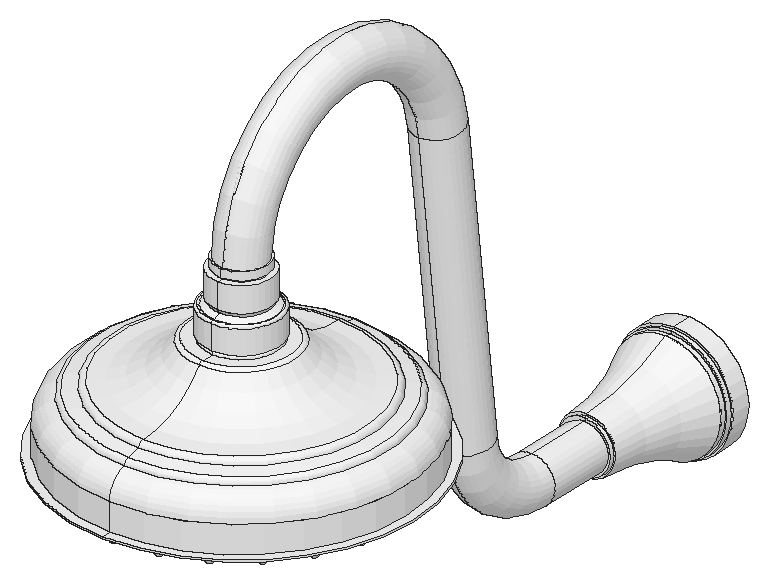
Revit family "Reece_Shower_Kado_Era_Shower Arm and Rose_Gooseneck_148mm", category Plumbing Fixtures, Revit 2018
Family settings
  Round Connector Dimension = Use Diameter
  Part Type = Normal
  Work Plane-Based = Yes
  Always vertical = Yes
  Cut with Voids When Loaded = Yes
  Shared = Yes
  Room Calculation Point = Yes
Parameters (values of type "Chrome")
  URL = "https://www.reece.com.au/product/-4200386"
  Type Comments = "Shower"
  Reece_Shower_Inlet = 12 mm  # constant formula
  Reece_Product_Web Page = "https://www.reece.com.au/product/-4200386"
  Reece_Product_Type = "Shower"  # constant formula
  Reece_Product_Sub Brand = "Era"  # constant formula
  Reece_Product_Number = "4200386"
  Reece_Product_Mount = "Wall Mounted"
  Reece_Product_Description = "Kado Era Gooseneck Shower Arm & Rose 148mm Chrome (3 Star)"
  Reece_Product_Brand = "Kado"  # constant formula
  Reece_Overall_Length = 314 mm  # constant formula
  Reece_Overall_Height = 240 mm  # constant formula
  Reece_Overall_Diameter = 50 mm  # constant formula
  Reece_Material_Main = Reece_Brass_Chrome
  Reece_Height_From_Level [instance] = 1600 mm
  Reece_Detail_Disclaimer = "THIS FILE IS THE PROPERTY OF THE REECE GROUP. IT MAY NOT BE REPRODUCED, REVERSE-ENGINEERED OR MODIFIED. ANY REPUBLICATION, TRANSMISSION OR DISTRIBUTION FOR THE PURPOSE OF COMMERCIALLY EXPLOITING THE FILES IS PROHIBITED."  # constant formula
  Reece_Detail_Additional = "Gooseneck"  # constant formula
  Model = "Era"
  Manufacturer = "Kado"
  Keynote = "Product #4200386, Reece_Shower_Kado_Era_Shower Arm and Rose_Gooseneck_148mm - Chrome"
  Disclaimer = "THIS FILE IS THE PROPERTY OF THE REECE GROUP. IT MAY NOT BE REPRODUCED, REVERSE-ENGINEERED OR MODIFIED. ANY REPUBLICATION, TRANSMISSION OR DISTRIBUTION FOR THE PURPOSE OF COMMERCIALLY EXPLOITING THE FILES IS PROHIBITED."  # constant formula
  Description = "Kado Era Gooseneck Shower Arm & Rose 148 Chrome (3 Star)"
  Default Elevation = 1000 mm
Types (3, lengths in mm): name | URL | Reece_Product_Web Page | Reece_Product_Number | Reece_Product_Description | Reece_Material_Main | Keynote | Description
  Chrome | "https://www.reece.com.au/product/-4200386" | "https://www.reece.com.au/product/-4200386" | "4200386" | "Kado Era Gooseneck Shower Arm & Rose 148mm Chrome (3 Star)" | Reece_Brass_Chrome | "Product #4200386, Reece_Shower_Kado_Era_Shower Arm and Rose_Gooseneck_148mm - Chrome" | "Kado Era Gooseneck Shower Arm & Rose 148 Chrome (3 Star)"
  Brushed Nickel | "https://www.reece.com.au/product/-9512104" | "https://www.reece.com.au/product/-9512104" | "9512104" | "Kado Era Gooseneck Shower Arm & Rose 148mm Brushed Nickel (3 Star)" | Reece_Brass_Brushed Nickel | "Product #9512104, Reece_Shower_Kado_Era_Shower Arm and Rose_Gooseneck_148mm - Brushed Nickel" | "Kado Era Gooseneck Shower Arm & Rose 148mm Brushed Nickel (3 Star)"
  Brass Gold | "https://www.reece.com.au/product/-4200401" | "https://www.reece.com.au/product/-4200401" | "4200401" | "Kado Era Gooseneck Shower Arm & Rose 148mm Brass Gold (3 Star)" | Reece_Brass_Gold | "Product #4200401, Reece_Shower_Kado_Era_Shower Arm and Rose_Gooseneck_148mm - Brass Gold" | "Kado Era Gooseneck Shower Arm & Rose 148mm Brass Gold (3 Star)"
Reference planes
  plane 1 "Center (Front/Back)": y = 0
  plane 2 "Height From Floor": z = 1600
  plane 3 "Center (Left/Right)": x = 0
  plane 4 "Bottom Of Invisible Line": z = -5
  plane 5: y = -314
  plane 6: x = -25
  plane 7: x = 25
  plane 8: z = 1574.5
  plane 9: z = 1814.5
Lines and regions (mm)
  model lines, style "InvisibleLines"
    curve 1: line (0, 0, -5) -> (0, 0, 1600)
Text (mm)
  text "Reece ©" at (2872.125, -2467.302, 2677.385), in view "Reece Preview"
  text "Reece ©" at (353.128, -531.372, -1020.679), in view "Ref. Level"
Dimensions and locks
  locked: level to plane 4 "Bottom Of Invisible Line" at 5
  "Reece_Height_From_Level": plane 2 "Height From Floor" to level
  "Reece_Overall_Length": plane 1 "Center (Front/Back)" to plane 5
  level to plane 2 "Height From Floor" = 1600 mm
  equal spacing: plane 6, plane 3 "Center (Left/Right)", plane 7
  "Reece_Overall_Diameter": plane 6 to plane 7
  "Reece_Overall_Height": plane 9 to plane 8
  locked: plane 9 to plane 2 "Height From Floor" at 214.5
  aligned and locked: plane 2 "Height From Floor" to curve 1
  aligned and locked: plane 4 "Bottom Of Invisible Line" to curve 1
  aligned and locked: plane 3 "Center (Left/Right)" to curve 1
  aligned and locked: nested 1 to plane 2 "Height From Floor"
Nested families
  nested 1: "Reece_Shower_Kado_Era_Shower Arm and Rose_Gooseneck_148mm_Nested" at (0, 0, 1600) x (1, 0, 0) z (0, -1, 0), Reece_Material_Main <- "Reece_Material_Main", type "Reece_Shower_Kado_Era_Shower Arm and Rose_Gooseneck_148mm_Nested"
    with Reece_Material_Main Reece_Brass_Chrome
Connectors
  piping at (0, 0, 1600), diameter 12, driven by "Reece_Shower_Inlet"
    settings: on nested 1, index 1, connector inside diameter 609.6 mm, connector length 0 mm, flow factor 0, pipe flow 0.0 L/s, pressure drop 0.0 Pa, fitting loss kfactor 0, connector angle 0.00°, fixture units 0, engagement length 0 mm, angle of deflection 0.00°, flow configuration 0, flow direction 1, fitting loss method 0, system type 29, joint type 0, gender type 0, connector reference index -1, connector utility 0, adjustable connector no, is connector primary yes, connector description ""
Definition of nested family "Reece_Shower_Kado_Era_Shower Arm and Rose_Gooseneck_148mm_Nested"
  Parameters (values of type "Reece_Shower_Kado_Era_Shower Arm and Rose_Gooseneck_148mm_Nested")
    Waste Connection = no
    WFU = 0
    Vent Connection = no
    URL = ""
    Type Comments = ""
    Reece_Material_Main [instance] = none
    Model = ""
    Manufacturer = ""
    Keynote = ""
    HWFU = 0
    HW Connection = no
    Description = ""
    Default Elevation = 1000 mm
    Cost = 0
    CWFU = 0
    CW Connection = no
    Assembly Code = ""
  Reference planes
    plane 1 "Center (Front/Back)": y = 0
    plane 2: z = 0
    plane 3 "Center (Left/Right)": x = 0
    plane 4: y = 25
    plane 5: x = -25
    plane 6: x = 25
    plane 7: z = 55
    plane 8: y = -25
    plane 9: z = 240
    plane 10: y = 215
    plane 11: z = 166
    plane 12: z = 314
  Forms (mm)
    Extrusion 1, solid
      sketch origin (619.2, -619.2, 0) x (1, 0, 0) y (0, 1, 0)
        loop
          line (-714.004, 715.618) -> (-714.004, 527.891) -> (-529.957, 527.891) -> (-529.957, 715.618) -> (-714.004, 715.618)
      from 0 to -30
    Sweep 2, solid, material <- "Reece_Material_Main"
      path origin (0, 0, 0) x (0, 1, 0) y (0, 0, 1)
        loop
          line (0, 56.49) -> (0, 84.671)
          arc (0, 84.671) -> (8.796, 107.874) -> (30.764, 119.413) r 35
          line (30.764, 119.413) -> (158.699, 135.013)
          arc (158.699, 135.013) -> (204.946, 189.883) -> (153.572, 239.985) r 52.687
      profile origin (0, 0, 56.49) x (0, -1, 0) y (1, 0, 0)
        loop
          circle (0, 0) r 10
    Revolve 3, solid, material <- "Reece_Material_Main"
      sketch origin (0, 0, 0) x (0, 1, 0) y (0, 0, 1)
        loop
          line (-25, 0) -> (0, 0) -> (0, 56.49) -> (-11.264, 56.49) -> (-11.264, 55) -> (-12.18, 55)
          arc (-12.18, 55) -> (-15.183, 33.21) -> (-23.389, 12.802) r 89.888
          line (-23.389, 12.802) -> (-23.389, 10.462) -> (-24.212, 10.462) -> (-24.212, 8.475) -> (-25, 8.475) -> (-25, 0)
        axis (0, 0) -> (0, 56.49)
      angle from 0 to 360
    Revolve 4, solid, material <- "Reece_Material_Main"
      sketch origin (0, 186.74, -0.061) x (0, 1, 0) y (0, 0, 1)
        loop
          line (-107.895, 240.061) -> (-107.895, 169.706) -> (-96.335, 169.706)
          arc (-96.335, 169.706) -> (-89.844, 171.949) -> (-86.122, 177.72) r 10.514
          arc (-86.122, 177.72) -> (-84.522, 178.264) -> (-83.64, 179.706) r 2.486
          line (-83.64, 179.706) -> (-82.505, 185.238)
          arc (-82.505, 185.238) -> (-80.908, 186.086) -> (-80.306, 187.791) r 2.488
          arc (-80.306, 187.791) -> (-76.484, 204.696) -> (-64.89, 217.578) r 34.327
          arc (-64.89, 217.578) -> (-64.161, 218.375) -> (-63.897, 219.422) r 2.209
          line (-63.897, 219.422) -> (-63.897, 224.658)
          arc (-63.897, 224.658) -> (-63.201, 224.946) -> (-62.913, 225.642) r 0.984
          line (-62.913, 225.642) -> (-62.126, 225.642) -> (-62.126, 224.175) -> (-51.991, 224.175)
          arc (-51.991, 224.175) -> (-51.328, 224.449) -> (-51.053, 225.113) r 0.938
          line (-51.053, 225.113) -> (-51.053, 225.954) -> (-49.637, 228.406) -> (-48.061, 227.497) -> (-37.182, 227.497) -> (-37.182, 230.055) -> (-36.318, 230.055) -> (-36.318, 229.189) -> (-32.899, 229.189) -> (-32.899, 240.061) -> (-107.895, 240.061)
        axis (-32.899, 240.061) -> (-107.895, 240.061)
      angle from 0 to 360
    Revolve 5, solid, material <- "Reece_Material_Main"
      sketch origin (0, -29.049, -0.061) x (0, -1, 0) y (0, 0, -1)
        loop
          line (-107.895, -240.061) -> (-103.427, -240.061)
          arc (-103.427, -240.061) -> (-104.335, -203.016) -> (-107.058, -166.061) r 755.791
          line (-107.058, -166.061) -> (-107.895, -166.061) -> (-107.895, -240.061)
        axis (-103.427, -240.061) -> (-107.895, -240.061)
      angle from 0 to 360
  Cuts and joins
    joined: Sweep 2, Revolve 3, Revolve 4, Revolve 5
  Text (mm)
    text "Reece Copyright © 2018, Reece Ltd." at (-378.57, -123.478, 0), in view "Ref. Level"
    text "Reece ©" at (408.528, -766.776, 506.903), in view "Reece_Preview"
  Dimensions and locks
    equal spacing: plane 5, plane 3 "Center (Left/Right)", plane 6
    plane 5 to plane 6 = 50 mm
    plane 7 to level = 55 mm
    plane 9 to plane 2 = 240 mm
    plane 10 to plane 8 = 240 mm
    equal spacing: plane 4, plane 1 "Center (Front/Back)", plane 8
    plane 4 to plane 8 = 50 mm
    plane 11 to plane 12 = 148 mm
    aligned and locked: plane 2 to Extrusion 1
    aligned and locked: level to Extrusion 1
  Automatic sketch dimensions
    Extrusion 1 sketch curve to Extrusion 1 sketch curve = 184.047 mm
    Extrusion 1 sketch curve to Extrusion 1 sketch curve = 187.727 mm
    Sweep 2 sketch curve to profile plane = 0 mm  (x2)
    Revolve 3 sketch curve to level = 0 mm
    Revolve 3 sketch curve to plane 8 = 0 mm
    Revolve 3 sketch curve to plane 7 = 0 mm
    Revolve 3 sketch curve to plane 1 "Center (Front/Back)" = 0 mm  (x2)
    plane 7 to Revolve 3 sketch curve = 1.286 mm
    Revolve 3 sketch curve to plane 8 = 77.059 mm
    Revolve 3 sketch curve to Revolve 3 sketch curve = 0.788 mm
    plane 8 to Revolve 3 sketch curve = 1.611 mm
    plane 1 "Center (Front/Back)" to Revolve 3 sketch curve = 12.18 mm
    Revolve 3 sketch curve to Revolve 3 sketch curve = 0.916 mm
    Revolve 3 sketch curve to Revolve 3 sketch curve = 4.327 mm
    Revolve 3 sketch curve to Revolve 3 sketch curve = 1.986 mm
    Revolve 3 sketch curve to Revolve 3 sketch curve = 1.49 mm
    Revolve 3 sketch curve to Revolve 3 sketch curve = 5 mm
    Revolve 3 sketch curve to Revolve 3 sketch curve = 8.51 mm
    plane 9 to Revolve 5 sketch curve = 0 mm
    Revolve 5 sketch curve to plane 11 = 0 mm
    Revolve 5 sketch curve to plane 9 = 0 mm
    Revolve 5 sketch curve to plane 10 = 615.169 mm
    plane 4 to Revolve 5 sketch curve = 53.845 mm
    Revolve 5 sketch curve to Revolve 5 sketch curve = 0.837 mm
    Revolve 5 sketch curve to Revolve 5 sketch curve = 0 mm  (x2)
    Sweep 2 sketch curve to plane 1 "Center (Front/Back)" = 0 mm
    plane 4 to Sweep 2 sketch curve = 5.764 mm
    plane 4 to Sweep 2 sketch curve = 10 mm
    plane 11 to Sweep 2 sketch curve = 21.313 mm
    plane 10 to Sweep 2 sketch curve = 62.678 mm
    Sweep 2 sketch curve to Sweep 2 sketch curve = 6.377 mm
    Sweep 2 sketch curve to plane 11 = 30.987 mm
    Sweep 2 sketch curve to plane 11 = 46.587 mm
    Sweep 2 sketch curve to plane 9 = 0.015 mm
    plane 7 to Sweep 2 sketch curve = 1.49 mm
    Revolve 4 sketch curve to plane 9 = 0 mm  (x2)
    plane 11 to Revolve 4 sketch curve = 3.645 mm
    plane 4 to Revolve 4 sketch curve = 53.845 mm
    Revolve 4 sketch curve to Revolve 4 sketch curve = 11.56 mm
    Revolve 4 sketch curve to Revolve 4 sketch curve = 10.26 mm
    plane 11 to Revolve 4 sketch curve = 13.645 mm
    Revolve 4 sketch curve to Revolve 4 sketch curve = 2.436 mm
    Revolve 4 sketch curve to Revolve 4 sketch curve = 0.847 mm
    Revolve 4 sketch curve to Revolve 4 sketch curve = 0.288 mm
    Revolve 4 sketch curve to Revolve 4 sketch curve = 16.687 mm
    Revolve 4 sketch curve to Revolve 4 sketch curve = 2.209 mm
    Revolve 4 sketch curve to Revolve 4 sketch curve = 0.984 mm
    Revolve 4 sketch curve to Revolve 4 sketch curve = 0.787 mm
    Revolve 4 sketch curve to Revolve 4 sketch curve = 10.135 mm
    Revolve 4 sketch curve to Revolve 4 sketch curve = 0.938 mm
    Revolve 4 sketch curve to plane 9 = 11.655 mm
    Revolve 4 sketch curve to Revolve 4 sketch curve = 1.416 mm
    Revolve 4 sketch curve to Revolve 4 sketch curve = 1.576 mm
    Revolve 4 sketch curve to Revolve 4 sketch curve = 17.899 mm
    Revolve 4 sketch curve to Revolve 4 sketch curve = 10.879 mm
    Revolve 4 sketch curve to Revolve 4 sketch curve = 0.864 mm
    Revolve 4 sketch curve to Revolve 4 sketch curve = 3.419 mm
    Revolve 4 sketch curve to Revolve 4 sketch curve = 0.499 mm
    Revolve 4 sketch curve to Revolve 4 sketch curve = 0.015 mm
    Revolve 4 sketch curve to Revolve 4 sketch curve = 2.472 mm
    Revolve 4 sketch curve to Revolve 4 sketch curve = 8.984 mm
    Revolve 4 sketch curve to Revolve 4 sketch curve = 4.232 mm
    Revolve 4 sketch curve to Revolve 4 sketch curve = 0.483 mm
    Revolve 4 sketch curve to Revolve 4 sketch curve = 0.841 mm
    Revolve 4 sketch curve to Revolve 4 sketch curve = 1.692 mm
    Revolve 4 sketch curve to Revolve 4 sketch curve = 0.866 mm
    Revolve 4 sketch curve to Revolve 4 sketch curve = 7.589 mm
    Revolve 4 sketch curve to Revolve 4 sketch curve = 2.487 mm
    Revolve 4 sketch curve to Revolve 4 sketch curve = 0 mm  (x2)
    Revolve 4 sketch curve to Revolve 4 sketch curve = 0.669 mm
    radius of Sweep 2 sketch curve = 10 mm
  Nested families
    nested 1: "Reece_Shower_Kado_Era_Shower_Noozle_Nested" at (-0.181, 77.442, 307.989) x (1, -0.0002, 0) z (-0.0002, -0.9959, 0.09), Reece_Material_Main <- "Reece_Material_Main", type "Reece_Shower_Kado_Era_Shower_Noozle_Nested"
      with Reece_Material_Main none
    nested 2: "Reece_Shower_Kado_Era_Shower_Noozle_Nested" at (-0.178, 77.331, 173.252) x (-1, 0.0002, 0) z (-0.0002, -0.9961, -0.0883), Reece_Material_Main <- "Reece_Material_Main", type "Reece_Shower_Kado_Era_Shower_Noozle_Nested"
      with Reece_Material_Main none
    nested 3: "Reece_Shower_Kado_Era_Shower_Noozle_Nested" at (17.359, 77.437, 305.68) x (0.9659, -0.0003, -0.2588) z (0.023, -0.996, 0.0869), Reece_Material_Main <- "Reece_Material_Main", type "Reece_Shower_Kado_Era_Shower_Noozle_Nested"
      with Reece_Material_Main none
    nested 4: "Reece_Shower_Kado_Era_Shower_Noozle_Nested" at (33.705, 77.431, 298.909) x (0.866, -0.0003, -0.5) z (0.0446, -0.996, 0.0779), Reece_Material_Main <- "Reece_Material_Main", type "Reece_Shower_Kado_Era_Shower_Noozle_Nested"
      with Reece_Material_Main none
    nested 5: "Reece_Shower_Kado_Era_Shower_Noozle_Nested" at (47.742, 77.424, 288.139) x (0.7071, -0.0004, -0.7071) z (0.0632, -0.996, 0.0637), Reece_Material_Main <- "Reece_Material_Main", type "Reece_Shower_Kado_Era_Shower_Noozle_Nested"
      with Reece_Material_Main none
    nested 6: "Reece_Shower_Kado_Era_Shower_Noozle_Nested" at (58.513, 77.418, 274.103) x (0.5, -0.0004, -0.866) z (0.0774, -0.996, 0.0451), Reece_Material_Main <- "Reece_Material_Main", type "Reece_Shower_Kado_Era_Shower_Noozle_Nested"
      with Reece_Material_Main none
    nested 7: "Reece_Shower_Kado_Era_Shower_Noozle_Nested" at (65.284, 77.412, 257.757) x (0.2588, -0.0003, -0.9659) z (0.0864, -0.996, 0.0235), Reece_Material_Main <- "Reece_Material_Main", type "Reece_Shower_Kado_Era_Shower_Noozle_Nested"
      with Reece_Material_Main none
    nested 8: "Reece_Shower_Kado_Era_Shower_Noozle_Nested" at (67.594, 77.406, 240.216) x (0, -0.0003, -1) z (0.0894, -0.996, 0.0003), Reece_Material_Main <- "Reece_Material_Main", type "Reece_Shower_Kado_Era_Shower_Noozle_Nested"
      with Reece_Material_Main none
    nested 9: "Reece_Shower_Kado_Era_Shower_Noozle_Nested" at (65.285, 77.402, 222.674) x (-0.2588, -0.0002, -0.9659) z (0.0864, -0.996, -0.0229), Reece_Material_Main <- "Reece_Material_Main", type "Reece_Shower_Kado_Era_Shower_Noozle_Nested"
      with Reece_Material_Main none
    nested 10: "Reece_Shower_Kado_Era_Shower_Noozle_Nested" at (58.514, 77.399, 206.328) x (-0.5, -0.0001, -0.866) z (0.0774, -0.996, -0.0446), Reece_Material_Main <- "Reece_Material_Main", type "Reece_Shower_Kado_Era_Shower_Noozle_Nested"
      with Reece_Material_Main none
    nested 11: "Reece_Shower_Kado_Era_Shower_Noozle_Nested" at (47.743, 77.397, 192.291) x (-0.7071, 0, -0.7071) z (0.0632, -0.996, -0.0631), Reece_Material_Main <- "Reece_Material_Main", type "Reece_Shower_Kado_Era_Shower_Noozle_Nested"
      with Reece_Material_Main none
    nested 12: "Reece_Shower_Kado_Era_Shower_Noozle_Nested" at (33.706, 77.397, 181.52) x (-0.866, 0.0001, -0.5) z (0.0446, -0.996, -0.0774), Reece_Material_Main <- "Reece_Material_Main", type "Reece_Shower_Kado_Era_Shower_Noozle_Nested"
      with Reece_Material_Main none
    nested 13: "Reece_Shower_Kado_Era_Shower_Noozle_Nested" at (17.36, 77.399, 174.75) x (-0.9659, 0.0002, -0.2588) z (0.023, -0.996, -0.0863), Reece_Material_Main <- "Reece_Material_Main", type "Reece_Shower_Kado_Era_Shower_Noozle_Nested"
      with Reece_Material_Main none
    nested 14: "Reece_Shower_Kado_Era_Shower_Noozle_Nested" at (-17.359, 77.437, 305.68) x (-0.9659, -0.0003, -0.2588) z (-0.023, -0.996, 0.0869), Reece_Material_Main <- "Reece_Material_Main", type "Reece_Shower_Kado_Era_Shower_Noozle_Nested"
      with Reece_Material_Main none
    nested 15: "Reece_Shower_Kado_Era_Shower_Noozle_Nested" at (-33.705, 77.431, 298.909) x (-0.866, -0.0003, -0.5) z (-0.0446, -0.996, 0.0779), Reece_Material_Main <- "Reece_Material_Main", type "Reece_Shower_Kado_Era_Shower_Noozle_Nested"
      with Reece_Material_Main none
    nested 16: "Reece_Shower_Kado_Era_Shower_Noozle_Nested" at (-47.742, 77.424, 288.139) x (-0.7071, -0.0004, -0.7071) z (-0.0632, -0.996, 0.0637), Reece_Material_Main <- "Reece_Material_Main", type "Reece_Shower_Kado_Era_Shower_Noozle_Nested"
      with Reece_Material_Main none
    nested 17: "Reece_Shower_Kado_Era_Shower_Noozle_Nested" at (-58.513, 77.418, 274.103) x (-0.5, -0.0004, -0.866) z (-0.0774, -0.996, 0.0451), Reece_Material_Main <- "Reece_Material_Main", type "Reece_Shower_Kado_Era_Shower_Noozle_Nested"
      with Reece_Material_Main none
    nested 18: "Reece_Shower_Kado_Era_Shower_Noozle_Nested" at (-65.284, 77.412, 257.757) x (-0.2588, -0.0003, -0.9659) z (-0.0864, -0.996, 0.0235), Reece_Material_Main <- "Reece_Material_Main", type "Reece_Shower_Kado_Era_Shower_Noozle_Nested"
      with Reece_Material_Main none
    nested 19: "Reece_Shower_Kado_Era_Shower_Noozle_Nested" at (-67.594, 77.406, 240.216) x (0, -0.0003, -1) z (-0.0894, -0.996, 0.0003), Reece_Material_Main <- "Reece_Material_Main", type "Reece_Shower_Kado_Era_Shower_Noozle_Nested"
      with Reece_Material_Main none
    nested 20: "Reece_Shower_Kado_Era_Shower_Noozle_Nested" at (-65.285, 77.402, 222.674) x (0.2588, -0.0002, -0.9659) z (-0.0864, -0.996, -0.0229), Reece_Material_Main <- "Reece_Material_Main", type "Reece_Shower_Kado_Era_Shower_Noozle_Nested"
      with Reece_Material_Main none
    nested 21: "Reece_Shower_Kado_Era_Shower_Noozle_Nested" at (-58.514, 77.399, 206.328) x (0.5, -0.0001, -0.866) z (-0.0774, -0.996, -0.0446), Reece_Material_Main <- "Reece_Material_Main", type "Reece_Shower_Kado_Era_Shower_Noozle_Nested"
      with Reece_Material_Main none
    nested 22: "Reece_Shower_Kado_Era_Shower_Noozle_Nested" at (-47.743, 77.397, 192.291) x (0.7071, 0, -0.7071) z (-0.0632, -0.996, -0.0631), Reece_Material_Main <- "Reece_Material_Main", type "Reece_Shower_Kado_Era_Shower_Noozle_Nested"
      with Reece_Material_Main none
    nested 23: "Reece_Shower_Kado_Era_Shower_Noozle_Nested" at (-33.706, 77.397, 181.52) x (0.866, 0.0001, -0.5) z (-0.0446, -0.996, -0.0774), Reece_Material_Main <- "Reece_Material_Main", type "Reece_Shower_Kado_Era_Shower_Noozle_Nested"
      with Reece_Material_Main none
    nested 24: "Reece_Shower_Kado_Era_Shower_Noozle_Nested" at (-17.36, 77.399, 174.75) x (0.9659, 0.0002, -0.2588) z (-0.023, -0.996, -0.0863), Reece_Material_Main <- "Reece_Material_Main", type "Reece_Shower_Kado_Era_Shower_Noozle_Nested"
      with Reece_Material_Main none
    nested 25: "Reece_Shower_Kado_Era_Shower_Noozle_Nested" at (0.278, 76.265, 293.388) x (1, 0.0004, 0) z (0.0004, -0.9975, 0.0706), Reece_Material_Main <- "Reece_Material_Main", type "Reece_Shower_Kado_Era_Shower_Noozle_Nested"
      with Reece_Material_Main none
    nested 26: "Reece_Shower_Kado_Era_Shower_Noozle_Nested" at (0.276, 76.277, 186.442) x (-1, -0.0004, 0) z (0.0004, -0.9975, -0.0709), Reece_Material_Main <- "Reece_Material_Main", type "Reece_Shower_Kado_Era_Shower_Noozle_Nested"
      with Reece_Material_Main none
    nested 27: "Reece_Shower_Kado_Era_Shower_Noozle_Nested" at (16.853, 76.272, 290.762) x (0.951, 0.0005, -0.309) z (0.0223, -0.9975, 0.0672), Reece_Material_Main <- "Reece_Material_Main", type "Reece_Shower_Kado_Era_Shower_Noozle_Nested"
      with Reece_Material_Main none
    nested 28: "Reece_Shower_Kado_Era_Shower_Noozle_Nested" at (31.806, 76.28, 283.144) x (0.809, 0.0005, -0.5878) z (0.0421, -0.9975, 0.0571), Reece_Material_Main <- "Reece_Material_Main", type "Reece_Shower_Kado_Era_Shower_Noozle_Nested"
      with Reece_Material_Main none
    nested 29: "Reece_Shower_Kado_Era_Shower_Noozle_Nested" at (43.671, 76.289, 271.277) x (0.5878, 0.0005, -0.809) z (0.0578, -0.9975, 0.0414), Reece_Material_Main <- "Reece_Material_Main", type "Reece_Shower_Kado_Era_Shower_Noozle_Nested"
      with Reece_Material_Main none
    nested 30: "Reece_Shower_Kado_Era_Shower_Noozle_Nested" at (51.29, 76.296, 256.325) x (0.309, 0.0004, -0.9511) z (0.0679, -0.9975, 0.0216), Reece_Material_Main <- "Reece_Material_Main", type "Reece_Shower_Kado_Era_Shower_Noozle_Nested"
      with Reece_Material_Main none
    nested 31: "Reece_Shower_Kado_Era_Shower_Noozle_Nested" at (53.914, 76.303, 239.751) x (0, 0.0003, -1) z (0.0713, -0.9975, -0.0003), Reece_Material_Main <- "Reece_Material_Main", type "Reece_Shower_Kado_Era_Shower_Noozle_Nested"
      with Reece_Material_Main none
    nested 32: "Reece_Shower_Kado_Era_Shower_Noozle_Nested" at (51.289, 76.307, 223.176) x (-0.309, 0.0002, -0.9511) z (0.0679, -0.9974, -0.0223), Reece_Material_Main <- "Reece_Material_Main", type "Reece_Shower_Kado_Era_Shower_Noozle_Nested"
      with Reece_Material_Main none
    nested 33: "Reece_Shower_Kado_Era_Shower_Noozle_Nested" at (43.671, 76.309, 208.225) x (-0.5878, 0, -0.809) z (0.0578, -0.9974, -0.042), Reece_Material_Main <- "Reece_Material_Main", type "Reece_Shower_Kado_Era_Shower_Noozle_Nested"
      with Reece_Material_Main none
    nested 34: "Reece_Shower_Kado_Era_Shower_Noozle_Nested" at (31.805, 76.309, 196.359) x (-0.809, -0.0001, -0.5878) z (0.0421, -0.9974, -0.0577), Reece_Material_Main <- "Reece_Material_Main", type "Reece_Shower_Kado_Era_Shower_Noozle_Nested"
      with Reece_Material_Main none
    nested 35: "Reece_Shower_Kado_Era_Shower_Noozle_Nested" at (16.854, 76.306, 188.74) x (-0.9511, -0.0002, -0.309) z (0.0223, -0.9974, -0.0678), Reece_Material_Main <- "Reece_Material_Main", type "Reece_Shower_Kado_Era_Shower_Noozle_Nested"
      with Reece_Material_Main none
    nested 36: "Reece_Shower_Kado_Era_Shower_Noozle_Nested" at (-16.853, 76.272, 290.762) x (-0.951, 0.0005, -0.309) z (-0.0223, -0.9975, 0.0672), Reece_Material_Main <- "Reece_Material_Main", type "Reece_Shower_Kado_Era_Shower_Noozle_Nested"
      with Reece_Material_Main none
    nested 37: "Reece_Shower_Kado_Era_Shower_Noozle_Nested" at (-31.806, 76.28, 283.144) x (-0.809, 0.0005, -0.5878) z (-0.0421, -0.9975, 0.0571), Reece_Material_Main <- "Reece_Material_Main", type "Reece_Shower_Kado_Era_Shower_Noozle_Nested"
      with Reece_Material_Main none
    nested 38: "Reece_Shower_Kado_Era_Shower_Noozle_Nested" at (-43.671, 76.289, 271.277) x (-0.5878, 0.0005, -0.809) z (-0.0578, -0.9975, 0.0414), Reece_Material_Main <- "Reece_Material_Main", type "Reece_Shower_Kado_Era_Shower_Noozle_Nested"
      with Reece_Material_Main none
    nested 39: "Reece_Shower_Kado_Era_Shower_Noozle_Nested" at (-51.29, 76.296, 256.325) x (-0.309, 0.0004, -0.9511) z (-0.0679, -0.9975, 0.0216), Reece_Material_Main <- "Reece_Material_Main", type "Reece_Shower_Kado_Era_Shower_Noozle_Nested"
      with Reece_Material_Main none
    nested 40: "Reece_Shower_Kado_Era_Shower_Noozle_Nested" at (-53.914, 76.303, 239.751) x (0, 0.0003, -1) z (-0.0713, -0.9975, -0.0003), Reece_Material_Main <- "Reece_Material_Main", type "Reece_Shower_Kado_Era_Shower_Noozle_Nested"
      with Reece_Material_Main none
    nested 41: "Reece_Shower_Kado_Era_Shower_Noozle_Nested" at (-51.289, 76.307, 223.176) x (0.309, 0.0002, -0.9511) z (-0.0679, -0.9974, -0.0223), Reece_Material_Main <- "Reece_Material_Main", type "Reece_Shower_Kado_Era_Shower_Noozle_Nested"
      with Reece_Material_Main none
    nested 42: "Reece_Shower_Kado_Era_Shower_Noozle_Nested" at (-43.671, 76.309, 208.225) x (0.5878, 0, -0.809) z (-0.0578, -0.9974, -0.042), Reece_Material_Main <- "Reece_Material_Main", type "Reece_Shower_Kado_Era_Shower_Noozle_Nested"
      with Reece_Material_Main none
    nested 43: "Reece_Shower_Kado_Era_Shower_Noozle_Nested" at (-31.805, 76.309, 196.359) x (0.809, -0.0001, -0.5878) z (-0.0421, -0.9974, -0.0577), Reece_Material_Main <- "Reece_Material_Main", type "Reece_Shower_Kado_Era_Shower_Noozle_Nested"
      with Reece_Material_Main none
    nested 44: "Reece_Shower_Kado_Era_Shower_Noozle_Nested" at (-16.854, 76.306, 188.74) x (0.9511, -0.0002, -0.309) z (-0.0223, -0.9974, -0.0678), Reece_Material_Main <- "Reece_Material_Main", type "Reece_Shower_Kado_Era_Shower_Noozle_Nested"
      with Reece_Material_Main none
    nested 45: "Reece_Shower_Kado_Era_Shower_Noozle_Nested" at (-0.284, 75.292, 277.169) x (1, -0.0004, 0) z (-0.0004, -0.9988, 0.0492), Reece_Material_Main <- "Reece_Material_Main", type "Reece_Shower_Kado_Era_Shower_Noozle_Nested"
      with Reece_Material_Main none
    nested 46: "Reece_Shower_Kado_Era_Shower_Noozle_Nested" at (-0.283, 75.341, 201.851) x (-1, 0.0004, 0) z (-0.0004, -0.9987, -0.0505), Reece_Material_Main <- "Reece_Material_Main", type "Reece_Shower_Kado_Era_Shower_Noozle_Nested"
      with Reece_Material_Main none
    nested 47: "Reece_Shower_Kado_Era_Shower_Noozle_Nested" at (14.135, 75.288, 274.3) x (0.9239, -0.0001, -0.3827) z (0.0187, -0.9988, 0.0454), Reece_Material_Main <- "Reece_Material_Main", type "Reece_Shower_Kado_Era_Shower_Noozle_Nested"
      with Reece_Material_Main none
    nested 48: "Reece_Shower_Kado_Era_Shower_Noozle_Nested" at (26.36, 75.289, 266.132) x (0.7071, 0.0002, -0.7071) z (0.0349, -0.9988, 0.0346), Reece_Material_Main <- "Reece_Material_Main", type "Reece_Shower_Kado_Era_Shower_Noozle_Nested"
      with Reece_Material_Main none
    nested 49: "Reece_Shower_Kado_Era_Shower_Noozle_Nested" at (34.527, 75.295, 253.907) x (0.3827, 0.0005, -0.9239) z (0.0457, -0.9988, 0.0184), Reece_Material_Main <- "Reece_Material_Main", type "Reece_Shower_Kado_Era_Shower_Noozle_Nested"
      with Reece_Material_Main none
    nested 50: "Reece_Shower_Kado_Era_Shower_Noozle_Nested" at (37.395, 75.303, 239.488) x (0, 0.0007, -1) z (0.0495, -0.9988, -0.0007), Reece_Material_Main <- "Reece_Material_Main", type "Reece_Shower_Kado_Era_Shower_Noozle_Nested"
      with Reece_Material_Main none
    nested 51: "Reece_Shower_Kado_Era_Shower_Noozle_Nested" at (34.526, 75.314, 225.069) x (-0.3827, 0.0008, -0.9239) z (0.0457, -0.9988, -0.0198), Reece_Material_Main <- "Reece_Material_Main", type "Reece_Shower_Kado_Era_Shower_Noozle_Nested"
      with Reece_Material_Main none
    nested 52: "Reece_Shower_Kado_Era_Shower_Noozle_Nested" at (26.357, 75.325, 212.845) x (-0.7071, 0.0007, -0.7071) z (0.0349, -0.9987, -0.0359), Reece_Material_Main <- "Reece_Material_Main", type "Reece_Shower_Kado_Era_Shower_Noozle_Nested"
      with Reece_Material_Main none
    nested 53: "Reece_Shower_Kado_Era_Shower_Noozle_Nested" at (14.133, 75.336, 204.678) x (-0.9239, 0.0006, -0.3827) z (0.0187, -0.9987, -0.0467), Reece_Material_Main <- "Reece_Material_Main", type "Reece_Shower_Kado_Era_Shower_Noozle_Nested"
      with Reece_Material_Main none
    nested 54: "Reece_Shower_Kado_Era_Shower_Noozle_Nested" at (-14.135, 75.288, 274.3) x (-0.9239, -0.0001, -0.3827) z (-0.0187, -0.9988, 0.0454), Reece_Material_Main <- "Reece_Material_Main", type "Reece_Shower_Kado_Era_Shower_Noozle_Nested"
      with Reece_Material_Main none
    nested 55: "Reece_Shower_Kado_Era_Shower_Noozle_Nested" at (-26.36, 75.289, 266.132) x (-0.7071, 0.0002, -0.7071) z (-0.0349, -0.9988, 0.0346), Reece_Material_Main <- "Reece_Material_Main", type "Reece_Shower_Kado_Era_Shower_Noozle_Nested"
      with Reece_Material_Main none
    nested 56: "Reece_Shower_Kado_Era_Shower_Noozle_Nested" at (-34.527, 75.295, 253.907) x (-0.3827, 0.0005, -0.9239) z (-0.0457, -0.9988, 0.0184), Reece_Material_Main <- "Reece_Material_Main", type "Reece_Shower_Kado_Era_Shower_Noozle_Nested"
      with Reece_Material_Main none
    nested 57: "Reece_Shower_Kado_Era_Shower_Noozle_Nested" at (-37.395, 75.303, 239.488) x (0, 0.0007, -1) z (-0.0495, -0.9988, -0.0007), Reece_Material_Main <- "Reece_Material_Main", type "Reece_Shower_Kado_Era_Shower_Noozle_Nested"
      with Reece_Material_Main none
    nested 58: "Reece_Shower_Kado_Era_Shower_Noozle_Nested" at (-34.526, 75.314, 225.069) x (0.3827, 0.0008, -0.9239) z (-0.0457, -0.9988, -0.0198), Reece_Material_Main <- "Reece_Material_Main", type "Reece_Shower_Kado_Era_Shower_Noozle_Nested"
      with Reece_Material_Main none
    nested 59: "Reece_Shower_Kado_Era_Shower_Noozle_Nested" at (-26.357, 75.325, 212.845) x (0.7071, 0.0007, -0.7071) z (-0.0349, -0.9987, -0.0359), Reece_Material_Main <- "Reece_Material_Main", type "Reece_Shower_Kado_Era_Shower_Noozle_Nested"
      with Reece_Material_Main none
    nested 60: "Reece_Shower_Kado_Era_Shower_Noozle_Nested" at (-14.133, 75.336, 204.678) x (0.9239, 0.0006, -0.3827) z (-0.0187, -0.9987, -0.0467), Reece_Material_Main <- "Reece_Material_Main", type "Reece_Shower_Kado_Era_Shower_Noozle_Nested"
      with Reece_Material_Main none
    nested 61: "Reece_Shower_Kado_Era_Shower_Noozle_Nested" at (-0.456, 74.717, 262.634) x (1, -0.0006, 0) z (-0.0006, -0.9996, 0.0299), Reece_Material_Main <- "Reece_Material_Main", type "Reece_Shower_Kado_Era_Shower_Noozle_Nested"
      with Reece_Material_Main none
    nested 62: "Reece_Shower_Kado_Era_Shower_Noozle_Nested" at (-0.455, 74.743, 216.508) x (-1, 0.0006, 0) z (-0.0006, -0.9995, -0.0311), Reece_Material_Main <- "Reece_Material_Main", type "Reece_Shower_Kado_Era_Shower_Noozle_Nested"
      with Reece_Material_Main none
    nested 63: "Reece_Shower_Kado_Era_Shower_Noozle_Nested" at (11.064, 74.711, 259.547) x (0.866, -0.0003, -0.5) z (0.0146, -0.9996, 0.0259), Reece_Material_Main <- "Reece_Material_Main", type "Reece_Shower_Kado_Era_Shower_Noozle_Nested"
      with Reece_Material_Main none
    nested 64: "Reece_Shower_Kado_Era_Shower_Noozle_Nested" at (19.497, 74.711, 251.113) x (0.5, 0.0002, -0.866) z (0.0258, -0.9996, 0.0147), Reece_Material_Main <- "Reece_Material_Main", type "Reece_Shower_Kado_Era_Shower_Noozle_Nested"
      with Reece_Material_Main none
    nested 65: "Reece_Shower_Kado_Era_Shower_Noozle_Nested" at (22.583, 74.715, 239.593) x (0, 0.0005, -1) z (0.0299, -0.9996, -0.0005), Reece_Material_Main <- "Reece_Material_Main", type "Reece_Shower_Kado_Era_Shower_Noozle_Nested"
      with Reece_Material_Main none
    nested 66: "Reece_Shower_Kado_Era_Shower_Noozle_Nested" at (19.496, 74.723, 228.073) x (-0.5, 0.0008, -0.866) z (0.0258, -0.9995, -0.0158), Reece_Material_Main <- "Reece_Material_Main", type "Reece_Shower_Kado_Era_Shower_Noozle_Nested"
      with Reece_Material_Main none
    nested 67: "Reece_Shower_Kado_Era_Shower_Noozle_Nested" at (11.062, 74.733, 219.641) x (-0.866, 0.0008, -0.5) z (0.0146, -0.9995, -0.0269), Reece_Material_Main <- "Reece_Material_Main", type "Reece_Shower_Kado_Era_Shower_Noozle_Nested"
      with Reece_Material_Main none
    nested 68: "Reece_Shower_Kado_Era_Shower_Noozle_Nested" at (-11.064, 74.711, 259.547) x (-0.866, -0.0003, -0.5) z (-0.0146, -0.9996, 0.0259), Reece_Material_Main <- "Reece_Material_Main", type "Reece_Shower_Kado_Era_Shower_Noozle_Nested"
      with Reece_Material_Main none
    nested 69: "Reece_Shower_Kado_Era_Shower_Noozle_Nested" at (-19.497, 74.711, 251.113) x (-0.5, 0.0002, -0.866) z (-0.0258, -0.9996, 0.0147), Reece_Material_Main <- "Reece_Material_Main", type "Reece_Shower_Kado_Era_Shower_Noozle_Nested"
      with Reece_Material_Main none
    nested 70: "Reece_Shower_Kado_Era_Shower_Noozle_Nested" at (-22.583, 74.715, 239.593) x (0, 0.0005, -1) z (-0.0299, -0.9996, -0.0005), Reece_Material_Main <- "Reece_Material_Main", type "Reece_Shower_Kado_Era_Shower_Noozle_Nested"
      with Reece_Material_Main none
    nested 71: "Reece_Shower_Kado_Era_Shower_Noozle_Nested" at (-19.496, 74.723, 228.073) x (0.5, 0.0008, -0.866) z (-0.0258, -0.9995, -0.0158), Reece_Material_Main <- "Reece_Material_Main", type "Reece_Shower_Kado_Era_Shower_Noozle_Nested"
      with Reece_Material_Main none
    nested 72: "Reece_Shower_Kado_Era_Shower_Noozle_Nested" at (-11.062, 74.733, 219.641) x (0.866, 0.0008, -0.5) z (-0.0146, -0.9995, -0.0269), Reece_Material_Main <- "Reece_Material_Main", type "Reece_Shower_Kado_Era_Shower_Noozle_Nested"
      with Reece_Material_Main none
    nested 73: "Reece_Shower_Kado_Era_Shower_Noozle_Nested" at (-0.269, 74.432, 249.098) x (1, -0.0004, 0) z (-0.0004, -0.9999, 0.012), Reece_Material_Main <- "Reece_Material_Main", type "Reece_Shower_Kado_Era_Shower_Noozle_Nested"
      with Reece_Material_Main none
    nested 74: "Reece_Shower_Kado_Era_Shower_Noozle_Nested" at (-9.771, 74.452, 244.233) x (0.9999, -0.0129, 0.0001) z (-0.0129, -0.9999, 0.0056), Reece_Material_Main <- "Reece_Material_Main", type "Reece_Shower_Kado_Era_Shower_Noozle_Nested"
      with Reece_Material_Main none
    nested 75: "Reece_Shower_Kado_Era_Shower_Noozle_Nested" at (-9.093, 74.461, 233.373) x (0.9999, -0.012, -0.0001) z (-0.012, -0.9999, -0.0088), Reece_Material_Main <- "Reece_Material_Main", type "Reece_Shower_Kado_Era_Shower_Noozle_Nested"
      with Reece_Material_Main none
    nested 76: "Reece_Shower_Kado_Era_Shower_Noozle_Nested" at (-0.043, 74.461, 228.735) x (1, -0.0001, 0) z (-0.0001, -0.9999, -0.0149), Reece_Material_Main <- "Reece_Material_Main", type "Reece_Shower_Kado_Era_Shower_Noozle_Nested"
      with Reece_Material_Main none
    nested 77: "Reece_Shower_Kado_Era_Shower_Noozle_Nested" at (9.347, 74.459, 233.939) x (0.9999, 0.0124, 0.0001) z (0.0124, -0.9999, -0.008), Reece_Material_Main <- "Reece_Material_Main", type "Reece_Shower_Kado_Era_Shower_Noozle_Nested"
      with Reece_Material_Main none
    nested 78: "Reece_Shower_Kado_Era_Shower_Noozle_Nested" at (8.103, 74.441, 245.591) x (0.9999, 0.0107, -0.0001) z (0.0107, -0.9999, 0.0074), Reece_Material_Main <- "Reece_Material_Main", type "Reece_Shower_Kado_Era_Shower_Noozle_Nested"
      with Reece_Material_Main none
  Definition of nested family "Reece_Shower_Kado_Era_Shower_Noozle_Nested"
    Parameters (values of type "Reece_Shower_Kado_Era_Shower_Noozle_Nested")
      Waste Connection = no
      WFU = 0
      Vent Connection = no
      URL = ""
      Type Comments = ""
      Reece_Material_Main [instance] = none
      Model = ""
      Manufacturer = ""
      Keynote = ""
      HWFU = 0
      HW Connection = no
      Description = ""
      Default Elevation = 0 mm
      Cost = 0
      CWFU = 0
      CW Connection = no
      Assembly Code = ""
    Reference planes
      plane 1 "Center (Front/Back)": y = 0
      plane 2: z = 0
      plane 3 "Center (Left/Right)": x = 0
      plane 4: y = 125
      plane 5: y = -125
    Forms (mm)
      Extrusion 1, solid
        sketch origin (619.2, 20, 0) x (1, 0, 0) y (0, 1, 0)
          loop
            line (-819.2, 180) -> (-819.2, -220) -> (-419.2, -220) -> (-419.2, 180) -> (-819.2, 180)
        from 0 to -35.776
      Revolve 2, solid, material <- "Reece_Material_Main", detail levels fine
        sketch origin (0, 0, 0) x (1, 0, 0) y (0, 0, 1)
          loop
            line (0, 0) -> (2.511, 0) -> (2.511, 0.921) -> (1.097, 3) -> (0, 3) -> (0, 0)
          axis (0, 3) -> (0, 0)
        angle from 0 to 360
    Text (mm)
      text "Reece Copyright © 2018, Reece Ltd." at (-684.407, -223.434, 0), in view "Ref. Level"
      text "Reece ©" at (290.323, 26.521, 334.836), in view "Reece_Preview"
    Dimensions and locks
      equal spacing: plane 5, plane 1 "Center (Front/Back)", plane 4
      plane 4 to plane 5 = 250 mm
      aligned and locked: Extrusion 1 to plane 2
      aligned and locked: level to Extrusion 1
    Automatic sketch dimensions
      Extrusion 1 sketch curve to Extrusion 1 sketch curve = 400 mm  (x2)
      Revolve 2 sketch curve to level = 0 mm
      Revolve 2 sketch curve to plane 3 "Center (Left/Right)" = 0 mm  (x2)
      plane 3 "Center (Left/Right)" to Revolve 2 sketch curve = 1.097 mm
      level to Revolve 2 sketch curve = 0.921 mm
      plane 3 "Center (Left/Right)" to Revolve 2 sketch curve = 2.511 mm
      Revolve 2 sketch curve to Revolve 2 sketch curve = 3 mm
      Revolve 2 sketch curve to level = 0.583 mm
      Revolve 2 sketch curve to Revolve 2 sketch curve = 0.866 mm
